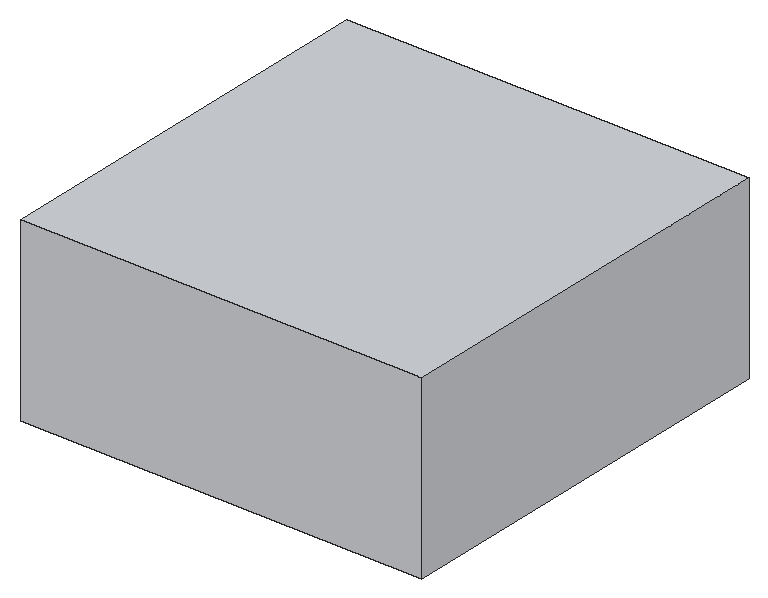
Revit family "M_Caixa de junção de conduíte - Cotovelo - Alumínio", category Conexões do conduite, Revit 2019
Family settings
  Cota do conector redondo = Usar raio
  Tipo de parte = Cotovelo da caixa de conexões
  Número OmniClass = 23.80.30.17.11
  Título OmniClass = Conduits
  ID de item do Seek = Conduit Junction Box - Elbow - Aluminum-0000-CAN-ENU
  Com base no plano de trabalho = Não
  Sempre na vertical = Sim
  Corte com vazios quando carregada = Não
  Compartilhado = Não
Parameters (values of type "Padrão")
  Largura [instance] = if(not(Diâmetro nominal máximo 12 > 27 mm), 118 mm, 6 * Diâmetro nominal máximo 12)  # 118 mm
  Raio nominal 2 [instance] = 8 mm
  Raio nominal 1 [instance] = 8 mm
  Diâmetro nominal 2 [instance] = Raio nominal 2 * 2  # 16 mm
  Diâmetro nominal 1 [instance] = Raio nominal 1 * 2  # 16 mm
  Diâmetro nominal máximo 12 [instance] = if(Diâmetro nominal 1 > Diâmetro nominal 2, Diâmetro nominal 1, Diâmetro nominal 2)  # 16 mm
  Altura [instance] = if(not(Diâmetro nominal máximo 12 > 27 mm), 52 mm, if(Diâmetro nominal máximo 12 < 155 mm, 152 mm, Diâmetro nominal máximo 12 * 1.2))  # 52 mm
  Comprimento [instance] = if(not(Diâmetro nominal máximo 12 > 27 mm), 116 mm, 8 * Diâmetro nominal máximo 12)  # 116 mm
Reference planes
  plane 1 "Centro (Frente/Trás)": y = 0
  plane 2: z = 0
  plane 3 "Centro (Esquerda/Direita)": x = 0
  plane 4: x = -58
  plane 5: x = 58
  plane 6: y = 59
  plane 7: y = -59
  plane 8: z = 26
  plane 9: z = -26
Forms (mm)
  Extrusion 1, solid
    sketch origin (584.2, 0, 0) x (1, 0, 0) y (0, 1, 0)
      loop
        line (-642.2, 59) -> (-642.2, -59) -> (-526.2, -59) -> (-526.2, 59) -> (-642.2, 59)
    from -26 to 26
Dimensions and locks
  "Comprimento": plane 4 to plane 5
  "Largura": plane 6 to plane 7
  equal spacing: plane 8, plane 2, plane 9
  "Altura": plane 8 to plane 9
  equal spacing: plane 6, plane 1 "Centro (Frente/Trás)", plane 7
  equal spacing: plane 4, plane 3 "Centro (Esquerda/Direita)", plane 5
  aligned and locked: Extrusion 1 sketch curve to plane 6
  aligned and locked: plane 4 to Extrusion 1 sketch curve
  aligned and locked: plane 7 to Extrusion 1 sketch curve
  aligned and locked: Extrusion 1 sketch curve to plane 5
  aligned and locked: Extrusion 1 to plane 9
  aligned and locked: plane 8 to Extrusion 1
Connectors
  cabletrayconduit at (-58, 0, 0), diameter 16, driven by "Raio nominal 1"
    settings: on Extrusion 1, index 1, connector width 304.8 mm, connector height 304.8 mm, connector angle 0.00°, system type 32, placement type 0, profile type 0, connector reference index 2, is primary connector yes, connector utility param no, connector description ""
  cabletrayconduit at (0, 59, 0), diameter 16, driven by "Raio nominal 2"
    settings: on Extrusion 1, index 2, connector width 304.8 mm, connector height 304.8 mm, connector angle 0.00°, system type 32, placement type 0, profile type 0, connector reference index 1, is primary connector no, connector utility param no, connector description ""
